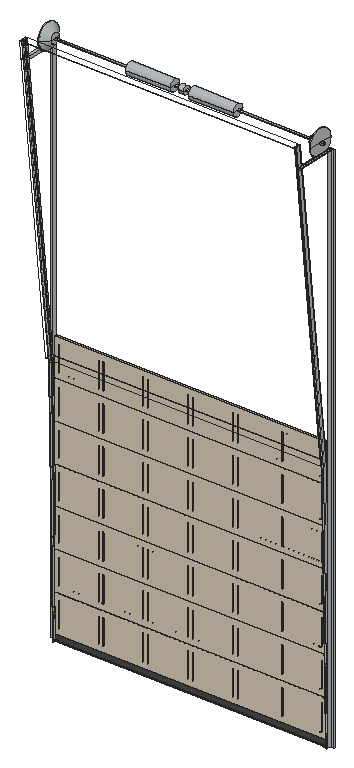
Revit family "Door_Sectional_Clopay_Insulated-VerticalTrack-RaisedPanel", category Doors, host Wall, Revit 2022 (continued)
Definition of nested family "Door Panel - Raised"
  Definition of nested family "RaisedPanel"
    Automatic sketch dimensions
      Sweep 4 sketch curve to Sweep 4 sketch curve = 0' - 0 1/4"
      Sweep 4 sketch curve to Sweep 4 sketch curve = 0' - 0.2032"
      Sweep 4 sketch curve to Sweep 4 sketch curve = 0' - 1.09359"
      Sweep 4 sketch curve to Sweep 4 sketch curve = 0' - 0.4532"
      Extrusion 3 sketch curve to plane 5 "Right" = 0' - 2"
      plane 4 "Left" to Extrusion 3 sketch curve = 0' - 2"
      plane 9 to Extrusion 3 sketch curve = 0' - 2"
      Extrusion 3 sketch curve to plane 6 "Top" = 0' - 2"
      Sweep 2 sketch curve to plane 12 = 0' - 0"
      Sweep 2 sketch curve to plane 13 = 0' - 0"
      Sweep 2 sketch curve to plane 15 = 0' - 0"
      Sweep 2 sketch curve to plane 14 = 0' - 0"
      Sweep 2 sketch curve to profile plane = 0' - 0 3/8"  (x2)
      profile plane to Sweep 2 sketch curve = 0' - 0 1/8"
      Sweep 2 sketch curve to profile plane = 0' - 0"
      Extrusion 1 sketch curve to plane 13 = 0' - 0 1/8"
      plane 12 to Extrusion 1 sketch curve = 0' - 0 1/8"
      plane 15 to Extrusion 1 sketch curve = 0' - 0 1/8"
      Extrusion 1 sketch curve to plane 14 = 0' - 0 1/8"
      Sweep 5 sketch curve to plane 4 "Left" = 0' - 0"
      Sweep 5 sketch curve to plane 5 "Right" = 0' - 0"
      Sweep 5 sketch curve to plane 9 = 0' - 0"
      Sweep 5 sketch curve to plane 6 "Top" = 0' - 0"
      Extrusion 6 sketch curve to plane 13 = 0' - 0"
      Extrusion 6 sketch curve to plane 12 = 0' - 0"
      Extrusion 6 sketch curve to plane 15 = 0' - 0"
      Extrusion 6 sketch curve to plane 14 = 0' - 0"
      Extrusion 6 sketch curve to plane 5 "Right" = 0' - 0.4532"
      plane 4 "Left" to Extrusion 6 sketch curve = 0' - 0.4532"
      plane 9 to Extrusion 6 sketch curve = 0' - 0.4532"
      Extrusion 6 sketch curve to plane 6 "Top" = 0' - 0.4532"
      Sweep 5 sketch curve to profile plane = 0' - 0"
      Sweep 5 sketch curve to Sweep 5 sketch curve = 0' - 0 1/4"
      Sweep 5 sketch curve to Sweep 5 sketch curve = 0' - 0.4532"
Definition of nested family "Opener"
  Parameters
    offset [instance] = 0' - 0"
    Warranty Duration (Years) = 0
    Unit Width = 2' - 0"
    Unit Height = 2' - 0"
    Unit Depth = 0' - 10"
    URL = "http://www.clopaydoor.com/"
    Specification = "http://www.arcat.com/sd/clients/clopay.html?coid=31487"
    SpecWizard = "http://www.arcat.com/specwizard/clients/clopay.html?coid=31487"
    Send Message = "http://www.arcat.com/users.pl?action=UserEmail&company=Clopay%20Building%20Products%20Company&coid=31487&rep=114&fax=513-770-3519&mf="
    Sales Information = "http://www.clopaydoor.com/contact-us.aspx"
    Revision = "R1_09-2011"
    Product Properties = ""
    Product Data = "http://www.arcat.com/arcatcos/cos31/arc31487.html?isac=1&r=1"
    Model = "As Specified"
    Material [instance] = none
    Manufacturer Website = "http://www.clopaydoor.com/"
    Manufacturer Phone - Toll Free = "800-526-4301 "
    Manufacturer Phone = "513-770-4800 "
    Manufacturer Fax = "513-770-3519"
    Manufacturer Address = "8585 Duke Blvd. Mason, OH 45040-3101"
    Manufacturer = "Clopay Building Products Company"
    Maintenance Schedule (Months) = 0
    Keynote = "08360"
    Installation-Fabrication = ""
    Installation Phase = ""
    Green Building-LEED = "http://www.arcat.com/green/clients/leed_data_31487.html"
    Expected Lifespan (Years) = 0
    Drawn By = "Sumex Design, Inc. / Robert S. Weygant, CSI, CDT, SCIP"
    Description = "Clopay Door as Specified"
    Default Elevation = 4' - 0"
    Copyright = "©Arcat Inc."
    Construction Details = "http://www.arcat.com/details/clopay/clopay.html?coid=31487"
    Assembly Code = "B2030410"
  Reference planes (in)
    plane 1 "Center (Front/Back)": y = 0
    plane 2 "Bottom": z = 0
    plane 3 "Center (Left/Right)": x = 0
    plane 4 "Front": y = -12
    plane 5 "Back": y = 12
    plane 6 "Left": x = -12
    plane 7 "Right": x = 12
    plane 8 "Top": z = 10
  Forms (in)
    Extrusion 1, solid, material <- "Material"
      sketch origin (0, 0, 0) x (1, 0, 0) y (0, 1, 0)
        loop
          line (-12, 12) -> (-12, -12) -> (12, -12) -> (12, 12) -> (-12, 12)
      from 0 to 10
  Dimensions and locks (in)
    equal spacing: plane 6 "Left", plane 3 "Center (Left/Right)", plane 7 "Right"
    "Unit Width": plane 6 "Left" to plane 7 "Right"
    equal spacing: plane 5 "Back", plane 1 "Center (Front/Back)", plane 4 "Front"
    "Unit Height": plane 5 "Back" to plane 4 "Front"
    "Unit Depth": plane 8 "Top" to level
    aligned and locked: plane 8 "Top" to Extrusion 1
  Automatic sketch dimensions
    Extrusion 1 sketch curve to plane 4 "Front" = 0' - 0"
    Extrusion 1 sketch curve to plane 6 "Left" = 0' - 0"
    Extrusion 1 sketch curve to plane 7 "Right" = 0' - 0"
    Extrusion 1 sketch curve to plane 5 "Back" = 0' - 0"
